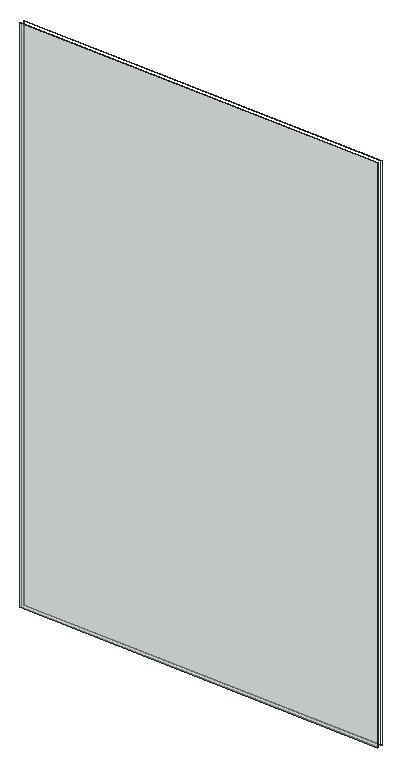
Revit family "Building-Materials_Glass-Glazing_Vitro-Architectural-Glass_SOLARBAN-R100", category Curtain Panels, Revit 2026
Family settings
  Classification Number = 23.25.20.14.11.11.17
  Always vertical = Yes
  Cut with Voids When Loaded = No
  Shared = No
Parameters (values of type "Solarban R100 (2) Starphire + Starphire")
  Visual Light Transmittance = if(Glass Code = 1, 0.42, if(Glass Code = 2, 0.44, if(Glass Code = 3, 0.43, 0)))  # 0.44
  UV Light Transmittance = 0.16
  URL = "https://www.vitroglazings.com/"
  U-Value Argon (Winter Night) = 0.2500 BTU/(h·ft²·°F)
  U-Value Argon (Summer Day) = 0.2200 BTU/(h·ft²·°F)
  U-Value Air (Winter Night) = 0.2900 BTU/(h·ft²·°F)
  U-Value Air (Summer Day) = 0.2700 BTU/(h·ft²·°F)
  Total Thickness = Airspace Thickness + [1st Lite Thickness] + [2nd Lite Thickness]  # 0' - 1"
  Thermal Resistance (R) = 8.3333 (h·ft²·°F)/BTU  # constant formula
  Solar Light Transmittance = 0.21
  Solar Heat Gain Coefficient = if(Glass Code = 1, 0.23, if(Glass Code = 2, 0.23, if(Glass Code = 3, 0.23, 0)))  # 0.23
  Shadow Coefficient = 0.27
  Reflectance (Visible Interior) = 14
  Reflectance (Visible Exterior) = 33
  Product data url = "https://www.bimobject.com/vitroarchictecturalglass/product/solarban-r100-solar-control-low-e-glass"
  Product Page URL = "https://www.vitroglazings.com/products/low-e-glass/solarban-r100-glass/"
  Product Guid = "883c3035-ad6e-49f1-9eb2-5b4d049a876f"
  Model = "Solarban R100 (2) Starphire + Starphire"
  Manufacturer = "Vitro Architectural Glass "  # constant formula
  Light to Solar Gain = 1.91
  Keynote = "08900"  # constant formula
  Interior Glass Material = Vitro Architectural-Glass - Starphire
  ISO Damage Weighted Transmittance = 0.366
  Heat Transfer Coefficient (U) = 0.2900 BTU/(h·ft²·°F)  # constant formula
  Glass Code = 2
  Finish = "Glass"  # constant formula
  Exterior Glass Material = Vitro Architectural-Glass - Solarban R100 (2) Starphire
  Description = "Solarban® R100 glass is a neutral-reflective low‑e glass with an excellent solar heat gain coefficient (SHGC)."  # constant formula
  Define Thermal Properties by = Schematic Type
  Assembly Code = "B2020220"
  Analytic Construction = "Low-E double glazing (1/4 in + 1/4 in)"
  Airspace Thickness = 0' - 0 1/2"  # constant formula
  2nd Lite Thickness = 0' - 0 1/4"  # constant formula
  1st Lite Thickness = 0' - 0 1/4"  # constant formula
Types (3): name | Visual Light Transmittance | UV Light Transmittance | Solar Light Transmittance | Reflectance (Visible Interior) | Reflectance (Visible Exterior) | Model | Light to Solar Gain | Interior Glass Material | ISO Damage Weighted Transmittance | Glass Code | Exterior Glass Material
  Solarban R100 (2) Clear + Clear | 0.42 | 0.12 | 0.19 | 14 | 32 | "Solarban R100 (2) Clear + Clear" | 1.83 | Vitro Architectural-Glass - Clear | 0.336 | 1 | Vitro Architectural-Glass - Solarban R100 (2) Clear
  Solarban R100 (2) Starphire + Starphire | 0.44 | 0.16 | 0.21 | 14 | 33 | "Solarban R100 (2) Starphire + Starphire" | 1.91 | Vitro Architectural-Glass - Starphire | 0.366 | 2 | Vitro Architectural-Glass - Solarban R100 (2) Starphire
  Solarban R100 (2) Acuity + Acuity | 0.43 | 0.14 | 0.21 | 13 | 33 | "Solarban R100 (2) Acuity + Acuity" | 1.87 | Vitro Architectural-Glass - Acuity | 0.356 | 3 | Vitro Architectural-Glass - Solarban R100 (2) Acuity
Reference planes (in)
  plane 1 "Front": y = 0
  plane 2: z = 0
  plane 3 "Center (Left/Right)": x = 0
  plane 4 "Left": x = -32.75106
  plane 5 "Right": x = 32.75106
  plane 6 "Top": z = 96
  plane 7: y = 0.25
  plane 8: y = -0.25
Forms (in)
  Extrusion 1, solid, material "Vitro Architectural-Glass - Starphire" <- "Interior Glass Material"
    sketch origin (0, 0.5, 0) x (1, 0, 0) y (0, 1, 0)
      loop
        line (-32.75106, 0) -> (-32.75106, -0.25) -> (32.75106, -0.25) -> (32.75106, 0) -> (-32.75106, 0)
    from 0 to 96
  Extrusion 2, solid, material "Vitro Architectural-Glass - Solarban R100 (2) Starphire" <- "Exterior Glass Material"
    sketch origin (0, -0.5, 0) x (1, 0, 0) y (0, 1, 0)
      loop
        line (-32.75106, 0.25) -> (-32.75106, 0) -> (32.75106, 0) -> (32.75106, 0.25) -> (-32.75106, 0.25)
    from 0 to 96
Text (in)
  text "Exterior" at (-54.29358, 31.38743, 0), in view "Ref. Level"
  text "Exterior" at (480, 41.53993, 89.60405), in view "Right"
  text "Exterior" at (-240, 57.82419, 105.78864), in view "Left"
Dimensions and locks (in)
  equal spacing: plane 4 "Left", plane 3 "Center (Left/Right)", plane 5 "Right"
  "2nd Lite Thickness": Extrusion 2 sketch curve to Extrusion 2 sketch curve
  equal spacing: plane 7, plane 1 "Front", plane 8
  "Airspace Thickness": plane 7 to plane 8
  "1st Lite Thickness": Extrusion 1 sketch curve to plane 7
  "Total Thickness": Extrusion 2 to Extrusion 1
  aligned and locked: level to plane 2
  aligned and locked: Extrusion 1 sketch curve to plane 4 "Left"
  aligned and locked: plane 5 "Right" to Extrusion 1 sketch curve
  aligned and locked: plane 5 "Right" to Extrusion 2 sketch curve
  aligned and locked: Extrusion 2 sketch curve to plane 4 "Left"
  aligned and locked: Extrusion 1 to plane 6 "Top"
  aligned and locked: Extrusion 1 to level
  aligned and locked: Extrusion 2 to plane 6 "Top"
  aligned and locked: Extrusion 2 to level
  aligned and locked: plane 8 to Extrusion 2
  aligned and locked: plane 7 to Extrusion 1 sketch curve
  aligned and locked: Extrusion 2 sketch curve to plane 8
